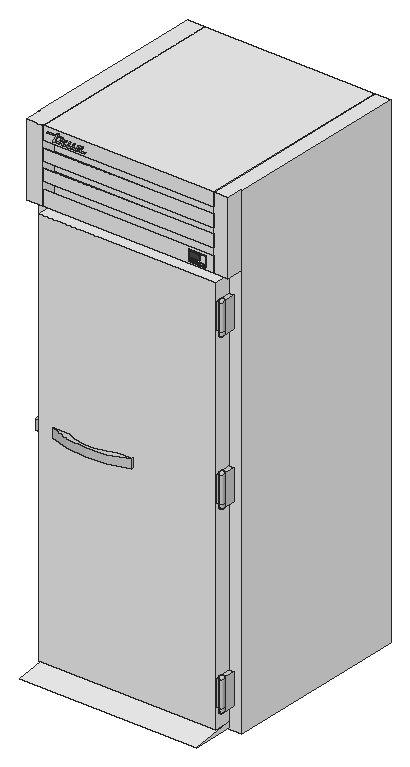
Revit family
Parameters
  Weight in Pounds = 0
  Watts = Volts * FL Amps  # 1023.5 W
  Volts = 115 V
  URL Cutsheet = "www.truemfg.com"
  URL = "www.truemfg.com"
  Type Mark [instance] = ""
  Type Comments = ""
  Status [instance] = ""
  Specification by User [instance] = ""
  Specification by Manufacturer = ""
  Show Logo [instance] = yes
  Show Clearance [instance] = yes
  Serial Number = ""
  Seismic Rating = ""
  SMACNA No = ""
  Revision Code [instance] = ""
  Phase = 1
  Omniclass Number and Title = ""
  Number of Poles [instance] = 1
  NAFEM Spec ID Number = ""
  Model = "STR1RRI-1S"
  Min Ckt Ampacity = 0 A
  Max Overcurrent Protection = 0 A
  Masterspec = ""
  Manufacturer = "TRUE FOOD SERVICE EQUIPMENT, INC."
  Length = 35"
  Item Number [instance] = ""
  Installed By [instance] = ""
  Identify Quantity as Lot [instance] = yes
  Height = 83 3/4"
  HP = "1/3"
  Furnished By [instance] = ""
  Foodservice Equipment Identifier [instance] = yes
  FL Amps = 8.9 A
  Electrical Remarks [instance] = ""
  Electric Connection Type [instance] = ""
  Elec Conn RI Height [instance] = 0"
  Elec Conn Connection Height [instance] = 0"
  Description = "Roll-in Solid Swing Door Refrigerator"
  Depth = 34 3/4"
  Cycle = 60 Hz
  Conn Plug = "5-15P"
  Conn Conduit = yes
  CSI MasterFormat = ""
  CSI Master Format = ""
  Apparent Power = if(Phase = 3, Volts * FL Amps * 1.73, Volts * FL Amps)  # 1023.5 VA
Reference planes (in)
  plane 1 "BACK": y = 0
  plane 2: z = 0
  plane 3 "LEFT": x = 0
  plane 4 "RIGHT": x = 35
  plane 5 "FRONT": y = -34.75
  plane 6 "TOP": z = 83.75
  plane 7: x = 2.84375
  plane 8: y = -34.7042
  plane 9: x = 32.15625
  plane 10: z = 69.90625
Forms (in)
  Extrusion 1, solid, material "QF_Finishes_Chrome - Satin"
    sketch origin (0.05, 0, 0) x (1, 0, 0) y (0, 1, 0)
      loop
        line (-0.05, 0) -> (-0.05, -32) -> (2.87859, -32) -> (2.87859, 0) -> (-0.05, 0)
    from 0 to 83.75
  Extrusion 2, solid, material "QF_Finishes_Chrome - Satin"
    sketch origin (50.15, 0, 0) x (1, 0, 0) y (0, 1, 0)
      loop
        line (-17.85, 0) -> (-17.85, -32) -> (-15.15, -32) -> (-15.15, 0) -> (-17.85, 0)
    from 0 to 83.75
  Extrusion 3, solid, material "QF_Finishes_Chrome - Satin"
    sketch origin (0, 0, 0) x (0, 1, 0) y (0, 0, 1)
      loop
        line (-34.7042, 71.28125) -> (-32, 71.28125) -> (-32, 0) -> (0, 0) -> (0, 83.75) -> (-34.7042, 83.75) -> (-34.7042, 81.46828) -> (-32.5, 79.90102) -> (-32.5, 78.77875) -> (-34.7042, 80.34601) -> (-34.7042, 78.2123) -> (-32.5, 76.64504) -> (-32.5, 75.68428) -> (-34.7042, 77.25154) -> (-34.7042, 75.15534) -> (-32.5, 73.58807) -> (-32.5, 72.3125) -> (-34.7042, 73.87976) -> (-34.7042, 71.28125)
    from 2.92859 to 32.3
  Extrusion 4, solid, material "QF_Finishes_Chrome - Satin"
    sketch origin (0, 0, 0) x (1, 0, 0) y (0, 1, 0)
      loop
        line (34.84782, -32) -> (32.3, -32) -> (32.3, -34.75) -> (34.84782, -34.75) -> (34.84782, -32)
    from 71.28125 to 83.75
  Extrusion 5, solid, material "QF_Finishes_Chrome - Satin"
    sketch origin (-50.125, 0, 0.25) x (1, 0, 0) y (0, 1, 0)
      loop
        line (53.05359, -32) -> (50.24109, -32) -> (50.24109, -34.75) -> (53.05359, -34.75) -> (53.05359, -32)
    from 71.03125 to 83.5
  Extrusion 6, solid, material "QF_Finishes_Chrome - Satin"
    sketch origin (-24.96875, -1, -0.71875) x (1, 0, 0) y (0, 0, 1)
      loop
        line (27.25, 1.71875) -> (57.65625, 1.71875) -> (57.65625, 70.625) -> (27.25, 70.625) -> (27.25, 1.71875)
    from 31 to 33.75
  Extrusion 7, solid, material "QF_Finishes_Handrails and Railings"
    sketch origin (58.625, -0.25, 25.43519) x (1, 0, 0) y (0, 1, 0)
      loop
        line (-53.875, -34.5) -> (-53.875, -34.7)
        arc (-53.875, -34.7) -> (-47.075, -36.14405) -> (-40.275, -34.7) r 16.7325
        line (-40.275, -34.7) -> (-40.275, -34.5) -> (-42.675, -34.5)
        arc (-42.675, -34.5) -> (-47.075, -35.65816) -> (-51.475, -34.5) r 8.93715
        line (-51.475, -34.5) -> (-53.875, -34.5)
    from 10.87731 to 12.37731
  Extrusion 8, solid, material "QF_Finishes_Handrails and Railings"
    sketch origin (-23.375, 0, -3) x (1, 0, 0) y (0, 0, 1)
      loop
        circle (26.4375, 40.0625) r 0.35
      loop
        line (26.47265, 40.33635) -> (26.41715, 40.33635) -> (26.41715, 39.76895) -> (26.47265, 39.76895) -> (26.47265, 40.33635)
    from 33.5 to 33.83066
  Extrusion 9, solid, material "QF_Finishes_Handrails and Railings", visible <- "Show Logo"
    sketch origin (0.33478, 0.06376, 5.01857) x (1, 0, 0) y (0, 0, 1)
      loop
        line (3.46044, 78.08731) -> (3.35478, 77.86073) -> (4.76027, 77.86073)
        arc (4.76027, 77.86073) -> (4.78879, 77.81028) -> (4.76027, 77.75984) r 0.05887
        line (4.76027, 77.75984) -> (4.39369, 76.97372)
        arc (4.39369, 76.97372) -> (4.39051, 76.90091) -> (4.43975, 76.84717) r 0.09523
        line (4.43975, 76.84717) -> (5.33844, 76.84717)
        arc (5.33844, 76.84717) -> (5.45192, 76.88295) -> (5.52436, 76.97735) r 0.19785
        line (5.52436, 76.97735) -> (5.81285, 77.59601) -> (6.0779, 77.59601)
        arc (6.0779, 77.59601) -> (6.14744, 77.57043) -> (6.13737, 77.49703) r 0.05911
        line (6.13737, 77.49703) -> (5.89598, 76.97937)
        arc (5.89598, 76.97937) -> (5.89974, 76.8934) -> (5.97231, 76.84717) r 0.09318
        line (5.97231, 76.84717) -> (6.76198, 76.84717)
        arc (6.76198, 76.84717) -> (6.82249, 76.86919) -> (6.85468, 76.92495) r 0.09412
        arc (6.85468, 76.92495) -> (6.87746, 76.86995) -> (6.93246, 76.84717) r 0.07778
        line (6.93246, 76.84717) -> (7.43246, 76.84717)
        arc (7.43246, 76.84717) -> (7.49022, 76.86265) -> (7.53251, 76.90493) r 0.11552
        arc (7.53251, 76.90493) -> (7.55275, 76.85606) -> (7.60162, 76.83581) r 0.06912
        line (7.60162, 76.83581) -> (8.31225, 76.83581)
        arc (8.31225, 76.83581) -> (8.37034, 76.85988) -> (8.39441, 76.91797) r 0.08216
        arc (8.39441, 76.91797) -> (8.44767, 76.86472) -> (8.52042, 76.84522) r 0.14551
        line (8.52042, 76.84522) -> (9.85158, 76.84522) -> (9.99946, 77.10134) -> (8.65678, 77.10134)
        arc (8.65678, 77.10134) -> (8.61972, 77.12704) -> (8.61834, 77.17211) r 0.05009
        line (8.61834, 77.17211) -> (8.64157, 77.22192)
        arc (8.64157, 77.22192) -> (8.67723, 77.26864) -> (8.73327, 77.28635) r 0.09747
        line (8.73327, 77.28635) -> (9.16485, 77.28635)
        arc (9.16485, 77.28635) -> (9.258, 77.31131) -> (9.32619, 77.3795) r 0.1863
        line (9.32619, 77.3795) -> (9.45119, 77.59601)
        arc (9.45119, 77.59601) -> (9.45119, 77.71157) -> (9.35111, 77.76934) r 0.11556
        line (9.35111, 77.76934) -> (8.89562, 77.76934)
        arc (8.89562, 77.76934) -> (8.7795, 77.74962) -> (8.69849, 77.66412) r 0.18605
        line (8.69849, 77.66412) -> (8.48204, 77.19993)
        arc (8.48204, 77.19993) -> (8.41815, 77.11667) -> (8.31806, 77.08511) r 0.1745
        line (8.31806, 77.08511) -> (7.84559, 77.08511)
        arc (7.84559, 77.08511) -> (7.78903, 77.14684) -> (7.79268, 77.23048) r 0.10939
        line (7.79268, 77.23048) -> (8.04395, 77.76934) -> (7.88403, 77.76934) -> (7.61781, 77.19844)
        arc (7.61781, 77.19844) -> (7.56609, 77.13103) -> (7.48505, 77.10548) r 0.14128
        line (7.48505, 77.10548) -> (7.15925, 77.10548)
        arc (7.15925, 77.10548) -> (7.10419, 77.17723) -> (7.116, 77.26689) r 0.11816
        line (7.116, 77.26689) -> (7.3503, 77.76934) -> (7.18514, 77.76934) -> (6.91546, 77.191)
        arc (6.91546, 77.191) -> (6.85285, 77.12839) -> (6.76733, 77.10548) r 0.17104
        line (6.76733, 77.10548) -> (6.29555, 77.10548)
        arc (6.29555, 77.10548) -> (6.21082, 77.14499) -> (6.20267, 77.23813) r 0.0935
        line (6.20267, 77.23813) -> (6.35774, 77.57069) -> (6.57695, 77.57069)
        arc (6.57695, 77.57069) -> (6.61395, 77.68217) -> (6.69267, 77.76934) r 0.2857
        line (6.69267, 77.76934) -> (5.83605, 77.76934)
        arc (5.83605, 77.76934) -> (5.74086, 77.74824) -> (5.67498, 77.67635) r 0.16212
        line (5.67498, 77.67635) -> (5.44279, 77.17841)
        arc (5.44279, 77.17841) -> (5.3894, 77.12502) -> (5.31647, 77.10548) r 0.14586
        line (5.31647, 77.10548) -> (4.80506, 77.10548)
        arc (4.80506, 77.10548) -> (4.76514, 77.15942) -> (4.77274, 77.22609) r 0.09155
        line (4.77274, 77.22609) -> (5.11018, 77.86073) -> (5.96155, 77.86073) -> (6.06721, 78.08731) -> (5.21584, 78.08731) -> (5.32149, 78.31388) -> (5.01862, 78.31388) -> (4.91297, 78.08731) -> (3.46044, 78.08731)
      loop
        arc (8.83805, 77.56363) -> (8.80119, 77.55375) -> (8.7742, 77.52676) r 0.07373
        line (8.7742, 77.52676) -> (8.75229, 77.45936)
        arc (8.75229, 77.45936) -> (8.76245, 77.43483) -> (8.78699, 77.42466) r 0.0347
        line (8.78699, 77.42466) -> (9.15948, 77.42466)
        arc (9.15948, 77.42466) -> (9.18632, 77.43061) -> (9.20812, 77.44734) r 0.0635
        line (9.20812, 77.44734) -> (9.22624, 77.53122)
        arc (9.22624, 77.53122) -> (9.22091, 77.55368) -> (9.20009, 77.56363) r 0.02676
        line (9.20009, 77.56363) -> (8.83805, 77.56363)
    from 34.76797 to 34.83173
  Extrusion 10, solid, material "QF_Finishes_White"
    sketch origin (-22.74812, 0.0458, -7.91247) x (1, 0, 0) y (0, 0, 1)
      loop
        line (50.81732, 81.35727) -> (50.81732, 79.60996) -> (53.72357, 79.60996) -> (53.72357, 81.35727) -> (50.81732, 81.35727)
    from 34.75 to 34.76797
  Extrusion 11, solid, material "QF_Finishes_Black"
    sketch origin (-22.74812, 0.0458, -7.91247) x (1, 0, 0) y (0, 0, 1)
      loop
        line (53.78607, 81.41977) -> (50.75482, 81.41977) -> (50.75482, 79.54746) -> (53.78607, 79.54746) -> (53.78607, 81.41977)
      loop
        spline (50.95482, 79.87872) -> (50.96333, 79.86254) -> (50.98831, 79.84747) -> (51.02804, 79.83452) -> (51.07982, 79.82459) -> (51.14011, 79.81835) -> (51.20482, 79.81622) -> (51.26952, 79.81835) -> (51.32982, 79.82459) -> (51.38159, 79.83452) -> (51.42132, 79.84747) -> (51.4463, 79.86254) -> (51.45482, 79.87872)
        spline (51.45482, 79.87872) -> (51.4463, 79.89489) -> (51.42132, 79.90997) -> (51.38159, 79.92291) -> (51.32982, 79.93284) -> (51.26952, 79.93909) -> (51.20482, 79.94122) -> (51.14011, 79.93909) -> (51.07982, 79.93284) -> (51.02804, 79.92291) -> (50.98831, 79.90997) -> (50.96333, 79.89489) -> (50.95482, 79.87872)
      loop
        spline (51.65083, 79.87872) -> (51.65935, 79.86254) -> (51.68432, 79.84747) -> (51.72405, 79.83452) -> (51.77583, 79.82459) -> (51.83612, 79.81835) -> (51.90083, 79.81622) -> (51.96553, 79.81835) -> (52.02583, 79.82459) -> (52.07761, 79.83452) -> (52.11734, 79.84747) -> (52.14231, 79.86254) -> (52.15083, 79.87872)
        spline (52.15083, 79.87872) -> (52.14231, 79.89489) -> (52.11734, 79.90997) -> (52.07761, 79.92291) -> (52.02583, 79.93284) -> (51.96553, 79.93909) -> (51.90083, 79.94122) -> (51.83612, 79.93909) -> (51.77583, 79.93284) -> (51.72405, 79.92291) -> (51.68432, 79.90997) -> (51.65935, 79.89489) -> (51.65083, 79.87872)
      loop
        spline (52.40083, 79.87872) -> (52.40935, 79.86254) -> (52.43432, 79.84747) -> (52.47405, 79.83452) -> (52.52583, 79.82459) -> (52.58612, 79.81835) -> (52.65083, 79.81622) -> (52.71553, 79.81835) -> (52.77583, 79.82459) -> (52.82761, 79.83452) -> (52.86734, 79.84747) -> (52.89231, 79.86254) -> (52.90083, 79.87872)
        spline (52.90083, 79.87872) -> (52.89231, 79.89489) -> (52.86734, 79.90997) -> (52.82761, 79.92291) -> (52.77583, 79.93284) -> (52.71553, 79.93909) -> (52.65083, 79.94122) -> (52.58612, 79.93909) -> (52.52583, 79.93284) -> (52.47405, 79.92291) -> (52.43432, 79.90997) -> (52.40935, 79.89489) -> (52.40083, 79.87872)
      loop
        line (50.95481, 81.21978) -> (50.95481, 80.21978) -> (52.65433, 80.21978) -> (52.65433, 81.21978) -> (50.95481, 81.21978)
      loop
        line (53.72357, 81.35727) -> (50.81732, 81.35727) -> (50.81732, 79.60996) -> (53.72357, 79.60996) -> (53.72357, 81.35727)
      loop
        spline (53.15083, 79.87872) -> (53.15935, 79.86254) -> (53.18432, 79.84747) -> (53.22405, 79.83452) -> (53.27583, 79.82459) -> (53.33612, 79.81835) -> (53.40083, 79.81622) -> (53.46553, 79.81835) -> (53.52583, 79.82459) -> (53.57761, 79.83452) -> (53.61734, 79.84747) -> (53.64231, 79.86254) -> (53.65083, 79.87872)
        spline (53.65083, 79.87872) -> (53.64231, 79.89489) -> (53.61734, 79.90997) -> (53.57761, 79.92291) -> (53.52583, 79.93284) -> (53.46553, 79.93909) -> (53.40083, 79.94122) -> (53.33612, 79.93909) -> (53.27583, 79.93284) -> (53.22405, 79.92291) -> (53.18432, 79.90997) -> (53.15935, 79.89489) -> (53.15083, 79.87872)
    from 34.76797 to 34.80335
  Extrusion 12, solid
    sketch origin (-25.125, 0, 0) x (1, 0, 0) y (0, 0, 1)
      loop
        circle (56.875, 81.625) r 0.25
    from 0 to 0.0625
  Blend 13, solid, material "QF_Finishes_Handrails and Railings"
    base sketch origin (27.53125, -1, -1) x (-1, 0, 0) y (0, 0, -1)
      loop
        line (25.25, -38.99169) -> (26, -38.99169) -> (26, -37.24169) -> (25.25, -37.24169) -> (25.25, -38.99169)
    top sketch origin (27.53125, 0, -1) x (-1, 0, 0) y (0, 0, -1)
      loop
        line (26.18223, -36.6441) -> (25.25, -36.6441) -> (25.25, -39.42643) -> (26.18223, -39.42643) -> (26.18223, -36.6441)
    from 33.57883 to 32
  Extrusion 14, solid, material "QF_Finishes_Handrails and Railings"
    sketch origin (33.78125, 0, 3) x (0, 1, 0) y (0, 0, -1)
      loop
        line (-32, -64.17729) -> (-32, -58.86127) -> (-34.25, -58.86127) -> (-34.25, -59.57348) -> (-33.81497, -59.57348) -> (-33.81497, -63.97276)
        arc (-33.81497, -63.97276) -> (-33.75506, -64.11738) -> (-33.61044, -64.17729) r 0.20453
        line (-33.61044, -64.17729) -> (-32, -64.17729)
    from 0.17506 to 1
  Revolve 15, solid, material "QF_Finishes_Handrails and Railings"
    sketch origin (33.28125, 0, 3) x (0, 1, 0) y (0, 0, -1)
      loop
        line (-34.26563, -59.62689) -> (-34.67229, -59.62689) -> (-34.67229, -64.0986)
        arc (-34.67229, -64.0986) -> (-34.53722, -64.35057) -> (-34.26563, -64.43983) r 0.3848
        line (-34.26563, -64.43983) -> (-34.26563, -59.62689)
      loop
        line (-34.26563, -59.57348) -> (-34.26563, -58.67281)
        arc (-34.26563, -58.67281) -> (-34.53264, -58.75883) -> (-34.67229, -59.00212) r 0.38884
        line (-34.67229, -59.00212) -> (-34.67229, -59.57348) -> (-34.26563, -59.57348)
      axis (-34.26563, -58.67281) -> (-34.26563, -64.43983)
    angle from 0 to 360
  Extrusion 16, solid, material "QF_Finishes_Handrails and Railings"
    sketch origin (27.5, -1.07734, 3.0011) x (-1, 0, 0) y (0, 0, -1)
      loop
        line (-5.58509, -64.0986) -> (-5.1875, -64.0986) -> (-5.1875, -59.62579) -> (-5.58509, -59.62579) -> (-5.58509, -64.0986)
    from 32.81497 to 33.59495
  Extrusion 17, solid, material "QF_Finishes_Handrails and Railings"
    sketch origin (33.78125, 0, -24) x (0, 1, 0) y (0, 0, -1)
      loop
        line (-32, -64.55229) -> (-32, -59.23627) -> (-34.25, -59.23627) -> (-34.25, -59.94848) -> (-33.81497, -59.94848) -> (-33.81497, -64.34776)
        arc (-33.81497, -64.34776) -> (-33.75506, -64.49238) -> (-33.61044, -64.55229) r 0.20453
        line (-33.61044, -64.55229) -> (-32, -64.55229)
    from 0.17506 to 1
  Revolve 18, solid, material "QF_Finishes_Handrails and Railings"
    sketch origin (33.28125, 0, -24) x (0, 1, 0) y (0, 0, -1)
      loop
        line (-34.26563, -60.00189) -> (-34.67229, -60.00189) -> (-34.67229, -64.4736)
        arc (-34.67229, -64.4736) -> (-34.53722, -64.72557) -> (-34.26563, -64.81483) r 0.3848
        line (-34.26563, -64.81483) -> (-34.26563, -60.00189)
      loop
        line (-34.26563, -59.94848) -> (-34.26563, -59.04781)
        arc (-34.26563, -59.04781) -> (-34.53264, -59.13383) -> (-34.67229, -59.37712) r 0.38884
        line (-34.67229, -59.37712) -> (-34.67229, -59.94848) -> (-34.26563, -59.94848)
      axis (-34.26563, -59.04781) -> (-34.26563, -64.81483)
    angle from 0 to 360
  Extrusion 19, solid, material "QF_Finishes_Handrails and Railings"
    sketch origin (27.5, -1.07734, -23.9989) x (-1, 0, 0) y (0, 0, -1)
      loop
        line (-5.58509, -64.4736) -> (-5.1875, -64.4736) -> (-5.1875, -60.00079) -> (-5.58509, -60.00079) -> (-5.58509, -64.4736)
    from 32.81497 to 33.59495
  Extrusion 20, solid, material "QF_Finishes_Handrails and Railings"
    sketch origin (33.78125, 0, -55.5) x (0, 1, 0) y (0, 0, -1)
      loop
        line (-32, -64.55229) -> (-32, -59.23627) -> (-34.25, -59.23627) -> (-34.25, -59.94848) -> (-33.81497, -59.94848) -> (-33.81497, -64.34776)
        arc (-33.81497, -64.34776) -> (-33.75506, -64.49238) -> (-33.61044, -64.55229) r 0.20453
        line (-33.61044, -64.55229) -> (-32, -64.55229)
    from 0.17506 to 1
  Revolve 21, solid, material "QF_Finishes_Handrails and Railings"
    sketch origin (33.28125, 0, -55.5) x (0, 1, 0) y (0, 0, -1)
      loop
        line (-34.26563, -60.00189) -> (-34.67229, -60.00189) -> (-34.67229, -64.4736)
        arc (-34.67229, -64.4736) -> (-34.53722, -64.72557) -> (-34.26563, -64.81483) r 0.3848
        line (-34.26563, -64.81483) -> (-34.26563, -60.00189)
      loop
        line (-34.26563, -59.94848) -> (-34.26563, -59.04781)
        arc (-34.26563, -59.04781) -> (-34.53264, -59.13383) -> (-34.67229, -59.37712) r 0.38884
        line (-34.67229, -59.37712) -> (-34.67229, -59.94848) -> (-34.26563, -59.94848)
      axis (-34.26563, -59.04781) -> (-34.26563, -64.81483)
    angle from 0 to 360
  Extrusion 22, solid, material "QF_Finishes_Handrails and Railings"
    sketch origin (27.5, -1.07734, -55.4989) x (-1, 0, 0) y (0, 0, -1)
      loop
        line (-5.58509, -64.4736) -> (-5.1875, -64.4736) -> (-5.1875, -60.00079) -> (-5.58509, -60.00079) -> (-5.58509, -64.4736)
    from 32.81497 to 33.59495
  Extrusion 23, solid, material "QF_Finishes_Door Clearance", visible <- "Show Clearance", detail levels coarse
    sketch origin (26.42841, -3.6098, 0) x (1, 0, 0) y (0, 1, 0)
      loop
        line (6.25909, -31.1402) -> (-24.14716, -31.1402)
        arc (-24.14716, -31.1402) -> (-15.24138, -52.64067) -> (6.25909, -61.54645) r 30.40625
        line (6.25909, -61.54645) -> (6.25909, -31.1402)
    from 1 to 69.90625
  Extrusion 24, solid, material "QF_Finishes_Chrome - Satin"
    sketch origin (32.6875, -1, 8.03125) x (0, 0, 1) y (0, -1, 0)
      loop
        line (-8.03125, 37.875) -> (-8.03125, 31) -> (-7.03125, 31) -> (-8.03125, 37.875)
    from 0 to -30.40625
Cuts and joins
  joined: Extrusion 1, Extrusion 2, Extrusion 4, Extrusion 5
Lines and regions (in)
  symbolic lines
    curve 1: line (0, 0, 0) -> (35, 0, 0)
    curve 2: line (0, -34.75, 0) -> (0, 0, 0)
    curve 3: line (35, -34.75, 0) -> (0, -34.75, 0)
    curve 4: line (35, 0, 0) -> (35, -34.75, 0)
    curve 5: line (35, -32.5, 0) -> (0, -32.5, 0)
    curve 6: arc (15.95746, -34.75, 0) -> (11.55746, -35.90816, 0) -> (7.15746, -34.75, 0) r 8.93715
    curve 7: arc (4.75746, -34.95, 0) -> (11.55746, -36.39405, 0) -> (18.35746, -34.95, 0) r 16.7325
    curve 8: line (4.75746, -34.75, 0) -> (4.75746, -34.95, 0)
    curve 9: line (18.35746, -34.95, 0) -> (18.35746, -34.75, 0)
  symbolic lines, style "QF-Door Swings", visible <- "Show Clearance", detail levels coarse
    curve 10: line (32.6875, -34.75, 0) -> (32.6875, -65.15625, 0)
    curve 11: arc (32.6875, -65.15625, 0) -> (11.18703, -56.25047, 0) -> (2.28125, -34.75, 0) r 30.40625
Dimensions and locks (in)
  "Depth": plane 5 "FRONT" to plane 1 "BACK"
  plane 6 "TOP" to level = 83 3/4"  (x2)
  Extrusion 6 sketch curve to Extrusion 6 sketch curve = 30 13/32"
  Extrusion 6 to plane 1 "BACK" = 34 3/4"
  "Length": plane 3 "LEFT" to plane 4 "RIGHT"
  plane 4 "RIGHT" to plane 3 "LEFT" = 35"
  plane 10 to level = 69 29/32"
  aligned and locked: level to plane 2
Automatic sketch dimensions
  Extrusion 1 sketch curve to plane 3 "LEFT" = 0"
  plane 1 "BACK" to Extrusion 1 sketch curve = 0"
  Extrusion 1 sketch curve to Extrusion 1 sketch curve = 2.92859"
  Extrusion 1 sketch curve to plane 5 "FRONT" = 2 3/4"
  plane 1 "BACK" to Extrusion 2 sketch curve = 0"
  Extrusion 2 sketch curve to plane 4 "RIGHT" = 0"
  Extrusion 2 sketch curve to plane 5 "FRONT" = 2 3/4"
  plane 5 "FRONT" to Extrusion 4 sketch curve = 0"
  Extrusion 4 sketch curve to plane 4 "RIGHT" = 0.15218"
  Extrusion 4 sketch curve to plane 5 "FRONT" = 2 3/4"
  plane 5 "FRONT" to Extrusion 5 sketch curve = 0"
  plane 3 "LEFT" to Extrusion 5 sketch curve = 0.11609"
  Extrusion 5 sketch curve to Extrusion 5 sketch curve = 2 13/16"
  Extrusion 5 sketch curve to plane 5 "FRONT" = 2 3/4"
  plane 5 "FRONT" to Extrusion 7 sketch curve = 0"  (x2)
  Extrusion 7 sketch curve to Extrusion 7 sketch curve = 2.4"  (x2)
  Extrusion 7 sketch curve to Extrusion 7 sketch curve = 4.4"
  Extrusion 7 sketch curve to Extrusion 7 sketch curve = 0"
  Extrusion 7 sketch curve to Extrusion 7 sketch curve = 0.2"
  Extrusion 7 sketch curve to plane 5 "FRONT" = 7.77899"
  Extrusion 7 sketch curve to Extrusion 7 sketch curve = 7.30945"
  Extrusion 8 sketch curve to Extrusion 8 sketch curve = 0.02035"
  Extrusion 8 sketch curve to Extrusion 8 sketch curve = 0.0555"
  Extrusion 8 sketch curve to Extrusion 8 sketch curve = 0.29355"
  Extrusion 8 sketch curve to Extrusion 8 sketch curve = 0.27385"
  plane 3 "LEFT" to Extrusion 9 sketch curve = 3.68957"
  Extrusion 9 sketch curve to Extrusion 9 sketch curve = 0.10565"  (x5)
  Extrusion 9 sketch curve to Extrusion 9 sketch curve = 1.03891"
  Extrusion 9 sketch curve to Extrusion 9 sketch curve = 0.04606"
  Extrusion 9 sketch curve to Extrusion 9 sketch curve = 0.04025"
  Extrusion 9 sketch curve to Extrusion 9 sketch curve = 0.33624"
  Extrusion 9 sketch curve to Extrusion 9 sketch curve = 0.03034"  (x2)
  Extrusion 9 sketch curve to Extrusion 9 sketch curve = 0.29274"
  Extrusion 9 sketch curve to Extrusion 9 sketch curve = 0.03232"
  Extrusion 9 sketch curve to Extrusion 9 sketch curve = 0.08083"
  Extrusion 9 sketch curve to Extrusion 9 sketch curve = 0.1527"
  Extrusion 9 sketch curve to Extrusion 9 sketch curve = 0.19721"
  Extrusion 9 sketch curve to Extrusion 9 sketch curve = 0.4629"
  Extrusion 9 sketch curve to Extrusion 9 sketch curve = 0.02197"
  Extrusion 9 sketch curve to Extrusion 9 sketch curve = 0.12632"
  Extrusion 9 sketch curve to Extrusion 9 sketch curve = 0.18591"
  Extrusion 9 sketch curve to Extrusion 9 sketch curve = 0.2322"
  Extrusion 9 sketch curve to Extrusion 9 sketch curve = 0.13786"
  Extrusion 9 sketch curve to Extrusion 9 sketch curve = 0.00907"
  Extrusion 9 sketch curve to Extrusion 9 sketch curve = 0.01413"
  Extrusion 9 sketch curve to Extrusion 9 sketch curve = 0.37162"
  Extrusion 9 sketch curve to Extrusion 9 sketch curve = 0.12551"
  Extrusion 9 sketch curve to Extrusion 9 sketch curve = 0.07633"
  Extrusion 9 sketch curve to Extrusion 9 sketch curve = 0.08445"
  Extrusion 9 sketch curve to Extrusion 9 sketch curve = 0.25598"
  Extrusion 9 sketch curve to Extrusion 9 sketch curve = 0.01887"
  Extrusion 9 sketch curve to Extrusion 9 sketch curve = 0.04061"
  Extrusion 9 sketch curve to Extrusion 9 sketch curve = 0.0653"
  Extrusion 9 sketch curve to Extrusion 9 sketch curve = 0.08474"
  Extrusion 9 sketch curve to Extrusion 9 sketch curve = 0.00815"
  Extrusion 9 sketch curve to Extrusion 9 sketch curve = 0.22037"
  Extrusion 9 sketch curve to Extrusion 9 sketch curve = 0.21921"
  Extrusion 9 sketch curve to Extrusion 9 sketch curve = 0.11572"
  Extrusion 9 sketch curve to Extrusion 9 sketch curve = 0.46643"
  Extrusion 9 sketch curve to Extrusion 9 sketch curve = 0.00535"
  Extrusion 9 sketch curve to Extrusion 9 sketch curve = 0.09269"
  Extrusion 9 sketch curve to Extrusion 9 sketch curve = 0.09348"
  Extrusion 9 sketch curve to Extrusion 9 sketch curve = 0.14812"
  Extrusion 9 sketch curve to Extrusion 9 sketch curve = 0.07778"  (x3)
  Extrusion 9 sketch curve to Extrusion 9 sketch curve = 0.20054"
  Extrusion 9 sketch curve to Extrusion 9 sketch curve = 0.04325"
  Extrusion 9 sketch curve to Extrusion 9 sketch curve = 0.32433"
  Extrusion 9 sketch curve to Extrusion 9 sketch curve = 0.10233"  (x2)
  Extrusion 9 sketch curve to Extrusion 9 sketch curve = 0.16515"
  Extrusion 9 sketch curve to Extrusion 9 sketch curve = 0.27321"
  Extrusion 9 sketch curve to Extrusion 9 sketch curve = 0.0526"
  Extrusion 9 sketch curve to Extrusion 9 sketch curve = 0.10005"
  Extrusion 9 sketch curve to Extrusion 9 sketch curve = 0.06912"
  Extrusion 9 sketch curve to Extrusion 9 sketch curve = 0.13276"
  Extrusion 9 sketch curve to Extrusion 9 sketch curve = 0.17486"
  Extrusion 9 sketch curve to Extrusion 9 sketch curve = 0.05291"
  Extrusion 9 sketch curve to Extrusion 9 sketch curve = 0.53374"
  Extrusion 9 sketch curve to Extrusion 9 sketch curve = 0.09914"  (x2)
  Extrusion 9 sketch curve to Extrusion 9 sketch curve = 0.15992"
  Extrusion 9 sketch curve to Extrusion 9 sketch curve = 0.46666"
  Extrusion 9 sketch curve to Extrusion 9 sketch curve = 0.00582"
  Extrusion 9 sketch curve to Extrusion 9 sketch curve = 0.08216"
  Extrusion 9 sketch curve to Extrusion 9 sketch curve = 0.16397"
  Extrusion 9 sketch curve to Extrusion 9 sketch curve = 0.12601"
  Extrusion 9 sketch curve to Extrusion 9 sketch curve = 0.1363"
  Extrusion 9 sketch curve to Extrusion 9 sketch curve = 0.02323"
  Extrusion 9 sketch curve to Extrusion 9 sketch curve = 0.03844"
  Extrusion 9 sketch curve to Extrusion 9 sketch curve = 0.0454"
  Extrusion 9 sketch curve to Extrusion 9 sketch curve = 0.05693"
  Extrusion 9 sketch curve to Extrusion 9 sketch curve = 0.0917"
  Extrusion 9 sketch curve to Extrusion 9 sketch curve = 0.01902"
  Extrusion 9 sketch curve to Extrusion 9 sketch curve = 0.02191"
  Extrusion 9 sketch curve to Extrusion 9 sketch curve = 0.0347"
  Extrusion 9 sketch curve to Extrusion 9 sketch curve = 0.06385"
  Extrusion 9 sketch curve to Extrusion 9 sketch curve = 0.02906"
  Extrusion 9 sketch curve to Extrusion 9 sketch curve = 0.02851"
  Extrusion 9 sketch curve to Extrusion 9 sketch curve = 0.29237"
  Extrusion 9 sketch curve to Extrusion 9 sketch curve = 0.00537"
  Extrusion 9 sketch curve to Extrusion 9 sketch curve = 0.0406"
  Extrusion 9 sketch curve to Extrusion 9 sketch curve = 0.04327"
  Extrusion 9 sketch curve to Extrusion 9 sketch curve = 0.02615"
  Extrusion 9 sketch curve to Extrusion 9 sketch curve = 0.11806"
  Extrusion 9 sketch curve to Extrusion 9 sketch curve = 0.15103"
  Extrusion 9 sketch curve to Extrusion 9 sketch curve = 0.10007"
  Extrusion 9 sketch curve to Extrusion 9 sketch curve = 0.5254"
  Extrusion 9 sketch curve to Extrusion 9 sketch curve = 0.14787"
  Extrusion 9 sketch curve to plane 6 "TOP" = 1.89562"
  Extrusion 9 sketch curve to Extrusion 9 sketch curve = 0.07275"
  Extrusion 9 sketch curve to Extrusion 9 sketch curve = 0.05776"
  Extrusion 9 sketch curve to Extrusion 9 sketch curve = 0.08631"
  Extrusion 9 sketch curve to Extrusion 9 sketch curve = 0.09282"
  Extrusion 9 sketch curve to Extrusion 9 sketch curve = 0.13018"
  Extrusion 9 sketch curve to Extrusion 9 sketch curve = 0.16714"
  Extrusion 9 sketch curve to Extrusion 9 sketch curve = 0.11061"
  Extrusion 9 sketch curve to Extrusion 9 sketch curve = 0.06046"
  Extrusion 9 sketch curve to Extrusion 9 sketch curve = 0.16548"
  Extrusion 9 sketch curve to Extrusion 9 sketch curve = 0.14279"
  Extrusion 9 sketch curve to Extrusion 9 sketch curve = 0.0496"
  Extrusion 9 sketch curve to Extrusion 9 sketch curve = 0.07293"
  Extrusion 9 sketch curve to Extrusion 9 sketch curve = 0.07764"
  Extrusion 9 sketch curve to Extrusion 9 sketch curve = 0.03794"
  Extrusion 9 sketch curve to Extrusion 9 sketch curve = 0.08552"
  Extrusion 9 sketch curve to Extrusion 9 sketch curve = 0.09296"
  Extrusion 9 sketch curve to Extrusion 9 sketch curve = 0.09314"
  Extrusion 9 sketch curve to Extrusion 9 sketch curve = 0.02781"
  Extrusion 9 sketch curve to Extrusion 9 sketch curve = 0.04981"
  Extrusion 9 sketch curve to Extrusion 9 sketch curve = 0.09315"
  Extrusion 9 sketch curve to Extrusion 9 sketch curve = 0.04799"
  Extrusion 9 sketch curve to Extrusion 9 sketch curve = 0.02531"
  Extrusion 9 sketch curve to Extrusion 9 sketch curve = 0.03054"
  Extrusion 9 sketch curve to Extrusion 9 sketch curve = 0.2589"
  Extrusion 9 sketch curve to Extrusion 9 sketch curve = 0.0674"
  Extrusion 9 sketch curve to Extrusion 9 sketch curve = 0.0324"
  Extrusion 9 sketch curve to Extrusion 9 sketch curve = 0.26185"
  Extrusion 9 sketch curve to Extrusion 9 sketch curve = 11/256"
  Extrusion 9 sketch curve to Extrusion 9 sketch curve = 0.07366"
  Extrusion 9 sketch curve to Extrusion 9 sketch curve = 0.02187"
  Extrusion 9 sketch curve to Extrusion 9 sketch curve = 0.06479"
  Extrusion 9 sketch curve to Extrusion 9 sketch curve = 0.01183"
  Extrusion 9 sketch curve to Extrusion 9 sketch curve = 0.05778"
  Extrusion 9 sketch curve to Extrusion 9 sketch curve = 0.53375"
  Extrusion 9 sketch curve to Extrusion 9 sketch curve = 0.23098"
  Extrusion 9 sketch curve to Extrusion 9 sketch curve = 0"
  Extrusion 9 sketch curve to Extrusion 9 sketch curve = 0.05045"
  Extrusion 9 sketch curve to Extrusion 9 sketch curve = 0.09139"
  Extrusion 9 sketch curve to Extrusion 9 sketch curve = 29/128"  (x3)
  Extrusion 12 sketch curve to plane 6 "TOP" = 2 1/8"
  Blend 13 sketch curve to Blend 13 sketch curve = 1 3/4"
  Blend 13 sketch curve to Blend 13 sketch curve = 2.78233"
  Extrusion 14 sketch curve to plane 5 "FRONT" = 1/2"
  Extrusion 14 sketch curve to Extrusion 14 sketch curve = 0.43503"
  Extrusion 14 sketch curve to Extrusion 14 sketch curve = 0.20453"
  Extrusion 14 sketch curve to Extrusion 14 sketch curve = 1.61044"
  Extrusion 14 sketch curve to plane 6 "TOP" = 16.57271"
  Extrusion 14 sketch curve to Extrusion 14 sketch curve = 4.39928"
  Extrusion 14 sketch curve to Extrusion 14 sketch curve = 0.71221"
  Revolve 15 sketch curve to plane 5 "FRONT" = 0.07771"  (x2)
  Revolve 15 sketch curve to Revolve 15 sketch curve = 0.38242"
  Revolve 15 sketch curve to Revolve 15 sketch curve = 0.38436"
  Revolve 15 sketch curve to plane 5 "FRONT" = 31/64"
  Revolve 15 sketch curve to Revolve 15 sketch curve = 0.40666"
  Revolve 15 sketch curve to Revolve 15 sketch curve = 0"
  Revolve 15 sketch curve to plane 6 "TOP" = 15.75492"
  Revolve 15 sketch curve to Revolve 15 sketch curve = 0.55526"
  Revolve 15 sketch curve to Revolve 15 sketch curve = 0.19474"
  Revolve 15 sketch curve to Revolve 15 sketch curve = 0.14649"
  Revolve 15 sketch curve to Revolve 15 sketch curve = 4.42889"
  Revolve 15 sketch curve to Revolve 15 sketch curve = 0.05342"
  Revolve 15 sketch curve to Revolve 15 sketch curve = 0.51246"
  Revolve 15 sketch curve to Revolve 15 sketch curve = 0.05889"
  Extrusion 16 sketch curve to Extrusion 16 sketch curve = 0.39759"
  Extrusion 16 sketch curve to plane 6 "TOP" = 16.6503"
  Extrusion 16 sketch curve to Extrusion 16 sketch curve = 4.47281"
  Extrusion 17 sketch curve to plane 5 "FRONT" = 1/2"
  Extrusion 17 sketch curve to Extrusion 17 sketch curve = 0.43503"
  Extrusion 17 sketch curve to Extrusion 17 sketch curve = 0.20453"
  Extrusion 17 sketch curve to Extrusion 17 sketch curve = 1.61044"
  Extrusion 17 sketch curve to Extrusion 17 sketch curve = 4.39928"
  Extrusion 17 sketch curve to Extrusion 17 sketch curve = 0.71221"
  Revolve 18 sketch curve to plane 5 "FRONT" = 0.07771"  (x2)
  Revolve 18 sketch curve to Revolve 18 sketch curve = 0.38242"
  Revolve 18 sketch curve to Revolve 18 sketch curve = 0.38436"
  Revolve 18 sketch curve to plane 5 "FRONT" = 31/64"
  Revolve 18 sketch curve to Revolve 18 sketch curve = 0.40666"
  Revolve 18 sketch curve to Revolve 18 sketch curve = 0"
  Revolve 18 sketch curve to Revolve 18 sketch curve = 0.55526"
  Revolve 18 sketch curve to Revolve 18 sketch curve = 0.19474"
  Revolve 18 sketch curve to Revolve 18 sketch curve = 0.14649"
  Revolve 18 sketch curve to Revolve 18 sketch curve = 4.42889"
  Revolve 18 sketch curve to Revolve 18 sketch curve = 0.05342"
  Revolve 18 sketch curve to Revolve 18 sketch curve = 0.51246"
  Revolve 18 sketch curve to Revolve 18 sketch curve = 0.05889"
  Extrusion 19 sketch curve to Extrusion 19 sketch curve = 0.39759"
  Extrusion 19 sketch curve to Extrusion 19 sketch curve = 4.47281"
  Extrusion 20 sketch curve to plane 5 "FRONT" = 1/2"
  Extrusion 20 sketch curve to Extrusion 20 sketch curve = 0.43503"
  Extrusion 20 sketch curve to Extrusion 20 sketch curve = 0.20453"
  Extrusion 20 sketch curve to Extrusion 20 sketch curve = 1.61044"
  Extrusion 20 sketch curve to Extrusion 20 sketch curve = 0.71221"
  Revolve 21 sketch curve to plane 5 "FRONT" = 0.07771"  (x2)
  Revolve 21 sketch curve to Revolve 21 sketch curve = 0.38242"
  Revolve 21 sketch curve to Revolve 21 sketch curve = 0.38436"
  Revolve 21 sketch curve to plane 5 "FRONT" = 31/64"
  Revolve 21 sketch curve to Revolve 21 sketch curve = 0.40666"
  Revolve 21 sketch curve to Revolve 21 sketch curve = 0"
  Revolve 21 sketch curve to Revolve 21 sketch curve = 0.55526"
  Revolve 21 sketch curve to Revolve 21 sketch curve = 0.19474"
  Revolve 21 sketch curve to Revolve 21 sketch curve = 0.14649"
  Revolve 21 sketch curve to Revolve 21 sketch curve = 0.05342"
  Revolve 21 sketch curve to Revolve 21 sketch curve = 0.51246"
  Revolve 21 sketch curve to Revolve 21 sketch curve = 0.05889"
  Extrusion 22 sketch curve to Extrusion 22 sketch curve = 0.39759"
  Extrusion 3 sketch curve to plane 8 = 0"  (x4)
  Extrusion 3 sketch curve to plane 6 "TOP" = 0"
  plane 8 to Extrusion 3 sketch curve = 2.2042"  (x2)
  Extrusion 3 sketch curve to Extrusion 3 sketch curve = 0"
  Extrusion 3 sketch curve to Extrusion 3 sketch curve = 1/2"
  plane 1 "BACK" to Extrusion 3 sketch curve = 0"
  Extrusion 3 sketch curve to plane 6 "TOP" = 2.28172"
  Extrusion 3 sketch curve to Extrusion 3 sketch curve = 1.12227"  (x2)
  Extrusion 3 sketch curve to Extrusion 3 sketch curve = 0.445"
  Extrusion 3 sketch curve to Extrusion 3 sketch curve = 2.13371"  (x2)
  Extrusion 3 sketch curve to Extrusion 3 sketch curve = 0.96076"  (x2)
  Extrusion 3 sketch curve to Extrusion 3 sketch curve = 2.0962"  (x2)
  Extrusion 3 sketch curve to Extrusion 3 sketch curve = 1.27557"  (x2)
  Extrusion 3 sketch curve to Extrusion 3 sketch curve = 1 1/32"
  Blend 13 sketch curve to Blend 13 sketch curve = 3/4"
  Blend 13 sketch curve to Blend 13 sketch curve = 0.93223"
  Extrusion 2 sketch curve to plane 4 "RIGHT" = 2.7"
  Extrusion 4 sketch curve to Extrusion 4 sketch curve = 2.54782"
  plane 7 to Extrusion 7 sketch curve = 1 29/32"
  plane 7 to Extrusion 8 sketch curve = 0.1984"
  Extrusion 12 sketch curve to plane 4 "RIGHT" = 3 1/4"
  Blend 13 sketch curve to plane 7 = 9/16"
  plane 7 to Blend 13 sketch curve = 9/16"
  Extrusion 16 sketch curve to plane 4 "RIGHT" = 1.91491"
  Extrusion 19 sketch curve to plane 4 "RIGHT" = 1.91491"
  Extrusion 22 sketch curve to plane 4 "RIGHT" = 1.91491"
  Extrusion 11 sketch curve to Extrusion 11 sketch curve = 1/4"  (x4)
  Extrusion 11 sketch curve to Extrusion 11 sketch curve = 0.4965"
  Extrusion 11 sketch curve to Extrusion 11 sketch curve = 0.0035"
  Extrusion 11 sketch curve to Extrusion 11 sketch curve = 1/2"
  Extrusion 11 sketch curve to Extrusion 11 sketch curve = 0.44601"
  Extrusion 11 sketch curve to Extrusion 11 sketch curve = 0"  (x3)
  Extrusion 11 sketch curve to Extrusion 11 sketch curve = 0.1375"  (x2)
  Extrusion 11 sketch curve to Extrusion 11 sketch curve = 1/16"  (x4)
  Extrusion 11 sketch curve to plane 6 "TOP" = 12.11501"
  Extrusion 11 sketch curve to Extrusion 11 sketch curve = 0.26876"  (x2)
  Extrusion 11 sketch curve to Extrusion 11 sketch curve = 0.34106"
  Extrusion 11 sketch curve to plane 6 "TOP" = 10.44269"
  Extrusion 10 sketch curve to plane 6 "TOP" = 10.30519"
  Extrusion 10 sketch curve to Extrusion 10 sketch curve = 1.74732"
  Extrusion 10 sketch curve to plane 4 "RIGHT" = 6.9308"
  Extrusion 10 sketch curve to Extrusion 10 sketch curve = 2 29/32"
  Extrusion 11 sketch curve to plane 4 "RIGHT" = 6.9933"
  Extrusion 11 sketch curve to Extrusion 11 sketch curve = 1.06923"
  Extrusion 6 sketch curve to plane 7 = 9/16"
  Extrusion 6 sketch curve to plane 6 "TOP" = 13 27/32"
  plane 1 "BACK" to curve 1 = 0"
  curve 1 to plane 3 "LEFT" = 0"
  plane 5 "FRONT" to curve 11 = 0"
  curve 3 to plane 4 "RIGHT" = 0"
  curve 11 to plane 7 = 9/16"
  plane 7 to curve 8 = 1.91371"
  curve 8 to curve 6 = 2.4"
  curve 7 to curve 6 = 0"
  curve 6 to curve 9 = 2.4"
  curve 11 to plane 4 "RIGHT" = 2 5/16"
  curve 9 to curve 9 = 0.2"
  curve 5 to plane 5 "FRONT" = 2 1/4"
  curve 6 to curve 7 = 7.30945"
  level to Extrusion 3 sketch curve = 0"
  level to Extrusion 6 sketch curve = 1"
  level to Extrusion 8 sketch curve = 36.76895"
  level to Blend 13 sketch curve = 37.99169"
  Blend 13 sketch curve to level = 35.6441"
  level to Extrusion 17 sketch curve = 40.55229"
  level to Revolve 18 sketch curve = 41.37008"
  level to Extrusion 19 sketch curve = 40.4747"
  level to Extrusion 20 sketch curve = 9.05229"
  Extrusion 20 sketch curve to Extrusion 20 sketch curve = 4.39928"
  level to Revolve 21 sketch curve = 9.87008"
  Revolve 21 sketch curve to Revolve 21 sketch curve = 4.42889"
  level to Extrusion 22 sketch curve = 8.9747"
  Extrusion 22 sketch curve to Extrusion 22 sketch curve = 4.47281"
  Extrusion 24 sketch curve to Extrusion 6 = 0"
  Extrusion 6 to Extrusion 24 sketch curve = 0"
  Extrusion 24 sketch curve to Extrusion 24 sketch curve = 1"
  Extrusion 24 sketch curve to Extrusion 6 = 4 1/8"
  Extrusion 23 sketch curve to plane 7 = 9/16"
  Extrusion 23 sketch curve to plane 9 = 17/32"
  plane 5 "FRONT" to Extrusion 23 sketch curve = 0"
  plane 7 to curve 7 = 8.71371"
  curve 6 to plane 5 "FRONT" = 7.77899"
  radius of Extrusion 8 sketch curve = 0.35"
  radius of Extrusion 12 sketch curve = 1/4"
Connectors (in)
  electrical at (31.75, -0.0625, 81.625), driven by "Volts", driven by "Watts"
    settings: on Extrusion 12, index 1, voltage 115 V, apparent load 1023.5 VA, apparent load phase1 0 VA, apparent load phase2 0 VA, apparent load phase3 0 VA, power factor 1, load classification "Other", number of poles 1, system type 30, power factor state 1, is connector primary yes, connector utility no, sub classification motor no, connector description "Electrical Connection"
